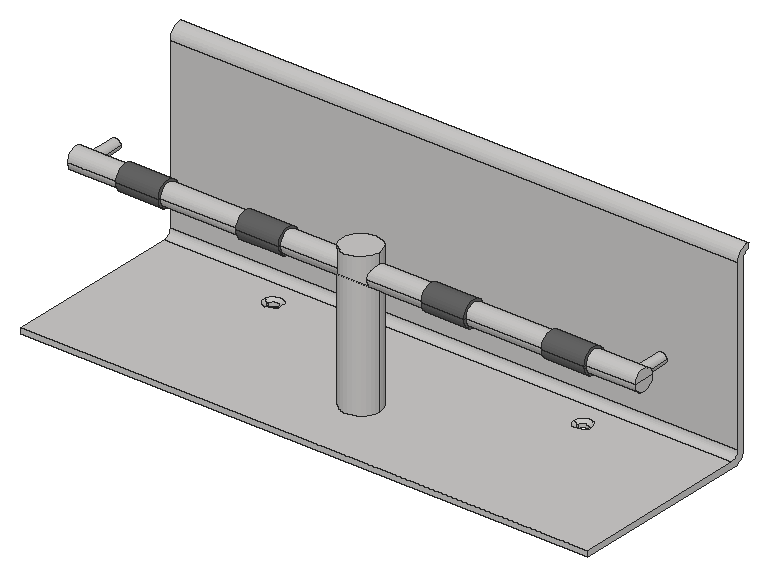
Revit family "Toilet_Tissue_Dispenser-Bobrick-B-540_Series", category Plumbing Fixtures, host Face, Revit 2016
Family settings
  Host = Face
  Part Type = Normal
  Round Connector Dimension = Use Diameter
  OmniClass Number = 23.40.20.21.21
  OmniClass Title = Toilet Paper Dispensers
  Cut with Voids When Loaded = No
  Shared = Yes
  Room Calculation Point = No
Parameters (values of type "B-540")
  Width = 11"
  Waste Connection = no
  Warranty Information = "1 Year Limited Warranty"
  WFU = 0
  Vent Connection = no
  URL = "http://www.bobrick.com/"
  Type Comments = ""
  Specification = "Surface-mounted dual-roll toilet tissue dispenser shall be type-304 stainless steel with bright polished finish. Shell and flange shall be 22 gauge (6.8mm) and have drawn, one-piece, seamless construction. Unit shall be equipped with 18-gauge (1.2mm) hoods hinged to shell. *Spindles shall be chrome-plated plastic with heavy-duty internal springs."
  Product Page URL = "https://www.bobrick.com/products/washroom-accessories/toilet-compartment-accessories/toilet-compartment-catalog/cubicle-collection/product/b-540/?"
  Product Documentation Link = "https://www.bobrick.com/wp-content/uploads/B-540_td-1.pdf"
  Price = "Prices may vary. Please consult Manufacturer Representative for most up-to-date price list."  # constant formula
  Phone Number = "416-250-5656"  # constant formula
  Omniclass Table 23 Title = "Toilet Paper Dispensers"  # constant formula
  Omniclass Table 23 Code = "23.40.20.21.21"  # constant formula
  Model = "B-540"
  Material = Stainless Steel-Bobrick-Type 304-Polished
  Manufacturer = "Bobrick"
  Length = 3 3/4"
  Installation Type = "Surface Mounted"
  Height = 3 3/4"
  HWFU = 0
  HW Connection = no
  Description = "Bobrick Surface-Mounted Toilet Tissue Dispenser & Utility Shelf"
  Default Elevation = 22"
  Creation Date = "12/11/2019"  # constant formula
  Created By = "Allied Technical Services"  # constant formula
  CWFU = 0
  CW Connection = no
  Assembly Code = "E1090900"
  ATS URL = "http://www.atsspec.net"
Reference planes (in)
  plane 1 "Center (Front/Back)": y = 0
  plane 2: z = 0
  plane 3 "Center (Left/Right)": x = 0
  plane 4: x = -5.5
  plane 5: x = 5.5
  plane 6: z = 3.75
  plane 7: y = -22
  plane 8: y = -3.75
  plane 9: y = -0.1161
  plane 10: y = 0.1339
  plane 11: z = 3.64063
  plane 12: x = -3
  plane 13: x = 3
  plane 14: y = -0.75
  plane 15: z = 2.875
  plane 16: z = 2.475
  plane 17: y = -2.4
Forms (in)
  Extrusion 1, solid, material "Stainless Steel-Bobrick-Type 304-Polished"
    sketch origin (0, 0, 0) x (0, 1, 0) y (0, 0, 1)
      loop
        line (-3.75, 0) -> (-0.19053, 0)
        arc (-0.19053, 0) -> (-0.05581, 0.05581) -> (0, 0.19053) r 0.19053
        line (0, 0.19053) -> (0, 3.50673)
        arc (0, 3.50673) -> (0.03922, 3.60141) -> (0.1339, 3.64063) r 0.1339
        line (0.1339, 3.64063) -> (0.1339, 3.75)
        arc (0.1339, 3.75) -> (-0.04288, 3.67678) -> (-0.1161, 3.5) r 0.25
        line (-0.1161, 3.5) -> (-0.1161, 0.25411)
        arc (-0.1161, 0.25411) -> (-0.15849, 0.15177) -> (-0.26084, 0.10937) r 0.14474
        line (-0.26084, 0.10937) -> (-3.75, 0.10937) -> (-3.75, 0)
    from -5.5 to 5.5
  Extrusion 2, solid, material "Stainless Steel-Bobrick-Type 304-Polished"
    sketch origin (0, 0, 0) x (1, 0, 0) y (0, 1, 0)
      loop
        circle (0, -2.37615) r 0.35802
    from 0 to 2.875
  Revolve 3, solid, material "Stainless Steel-Bobrick-Type 304-Polished"
    sketch origin (0, 0, 2.475) x (1, 0, 0) y (0, 1, 0)
      loop
        line (-5.5, -2.4) -> (5.5, -2.4) -> (5.5, -2.19731) -> (4.53936, -2.19731) -> (4.53936, -2.15834) -> (3.71162, -2.15834) -> (3.71162, -2.19731) -> (2.21162, -2.19731) -> (2.21162, -2.15834) -> (1.38387, -2.15834) -> (1.38387, -2.19731) -> (-1.38387, -2.19731) -> (-1.38387, -2.15834) -> (-2.21162, -2.15834) -> (-2.21162, -2.19731) -> (-3.71162, -2.19731) -> (-3.71162, -2.15834) -> (-4.53936, -2.15834) -> (-4.53936, -2.19731) -> (-5.5, -2.19731) -> (-5.5, -2.4)
      axis (5.5, -2.4) -> (-5.5, -2.4)
    angle from 0 to 360
  Extrusion 4, solid, material "Stainless Steel-Bobrick-Type 304-Polished"
    sketch origin (-0.75, 0, 0) x (1, 0, 0) y (0, 0, 1)
      loop
        circle (-4.53936, 2.475) r 0.10134
    from 1.70678 to 2.4
  Extrusion 5, solid, material "Stainless Steel-Bobrick-Type 304-Polished"
    sketch origin (0.75, 0, 0) x (-1, 0, 0) y (0, 0, -1)
      loop
        circle (-4.53936, -2.475) r 0.10134
    from 1.70678 to 2.4
  Revolve 6, void
    sketch origin (0, -0.75, 0) x (1, 0, 0) y (0, 0, 1)
      loop
        line (-3.1711, 0.10937) -> (-3.10187, 0.05721) -> (-3.10187, 0) -> (-3, 0) -> (-3, 0.10937) -> (-3.1711, 0.10937)
      axis (-3, 0) -> (-3, 0.10937)
    angle from 0 to 360
  Revolve 7, void
    sketch origin (0, -0.75, 0) x (-1, 0, 0) y (0, 0, -1)
      loop
        line (-3.1711, -0.10937) -> (-3, -0.10937) -> (-3, 0) -> (-3.10187, 0) -> (-3.10187, -0.05721) -> (-3.1711, -0.10937)
      axis (-3, 0) -> (-3, -0.10937)
    angle from 0 to 360
Cuts and joins
  Revolve 6, Revolve 7 cuts Extrusion 1
  joined: Extrusion 1, Extrusion 2
  joined: Revolve 3, Extrusion 4, Extrusion 5
Dimensions and locks (in)
  "Length": plane 6 to host face
  "Width": plane 4 to plane 5
  "Default Elevation": plane 7 to plane 1 "Center (Front/Back)"
  plane 8 to plane 1 "Center (Front/Back)" = 3 3/4"
  plane 12 to plane 13 = 6"
  plane 14 to plane 8 = 3"
  plane 15 to level to plane 2 = 2 7/8", 0"
  plane 17 to plane 1 "Center (Front/Back)" = 2.4"
  aligned and locked: plane 2 to host face
  aligned and locked: level to host face
Automatic sketch dimensions
  host sketch curve to host sketch curve = 96"  (x2)
  Extrusion 1 sketch curve to plane 8 = 0"
  Extrusion 1 sketch curve to level = 0"
  Extrusion 1 sketch curve to plane 9 = 0"
  Extrusion 1 sketch curve to plane 1 "Center (Front/Back)" = 0"
  Extrusion 1 sketch curve to plane 10 = 0"
  Extrusion 1 sketch curve to plane 11 = 0"
  Extrusion 1 sketch curve to plane 6 = 0"
  level to Extrusion 1 sketch curve = 7/64"
  Extrusion 1 sketch curve to plane 9 = 0.14474"
  Extrusion 1 sketch curve to plane 9 = 0.07443"
  Extrusion 2 sketch curve to plane 3 "Center (Left/Right)" = 0"
  plane 17 to Extrusion 2 sketch curve = 0.02385"
  Revolve 3 sketch curve to plane 17 = 0"  (x2)
  Revolve 3 sketch curve to plane 4 = 0"
  Revolve 3 sketch curve to plane 5 = 0"
  plane 17 to Revolve 3 sketch curve = 0.20269"  (x3)
  plane 4 to Revolve 3 sketch curve = 0.96064"
  plane 17 to Revolve 3 sketch curve = 0.24166"  (x3)
  Revolve 3 sketch curve to plane 12 = 0.71162"
  plane 12 to Revolve 3 sketch curve = 0.78838"
  Revolve 3 sketch curve to Revolve 3 sketch curve = 0.82774"  (x2)
  plane 3 "Center (Left/Right)" to Revolve 3 sketch curve = 1.38387"
  plane 13 to Revolve 3 sketch curve = 0.78838"
  Revolve 3 sketch curve to plane 13 = 0.71162"
  Revolve 3 sketch curve to Revolve 3 sketch curve = 0.03897"  (x3)
  Revolve 3 sketch curve to plane 4 = 1.25123"
  Revolve 3 sketch curve to Revolve 3 sketch curve = 0.24447"
  Extrusion 4 sketch curve to plane 16 = 0"
  plane 4 to Extrusion 4 sketch curve = 0.21064"
  Extrusion 5 sketch curve to plane 16 = 0"
  Extrusion 5 sketch curve to plane 5 = 0.21064"
  Revolve 6 sketch curve to level = 0"
  Revolve 6 sketch curve to plane 12 = 0"  (x2)
  Revolve 6 sketch curve to plane 12 = 0.10187"
  Revolve 6 sketch curve to Revolve 6 sketch curve = 0.06923"
  Revolve 6 sketch curve to Revolve 6 sketch curve = 0.05721"
  Revolve 6 sketch curve to Revolve 6 sketch curve = 7/64"
  Revolve 6 sketch curve to Revolve 6 sketch curve = 0.42623"
  Revolve 6 sketch curve to Revolve 6 sketch curve = 1/2"
  Revolve 7 sketch curve to level = 0"
  plane 13 to Revolve 7 sketch curve = 0"  (x2)
  Revolve 7 sketch curve to plane 13 = 0.10187"
  Revolve 7 sketch curve to Revolve 7 sketch curve = 0.06923"
  Revolve 7 sketch curve to Revolve 7 sketch curve = 0.05721"
  Revolve 7 sketch curve to Revolve 7 sketch curve = 0.05217"
  Revolve 7 sketch curve to Revolve 7 sketch curve = 0.42623"
  Revolve 7 sketch curve to Revolve 7 sketch curve = 1/2"
  radius of Extrusion 2 sketch curve = 0.35802"
  radius of Extrusion 4 sketch curve = 0.10134"
  radius of Extrusion 5 sketch curve = 0.10134"
